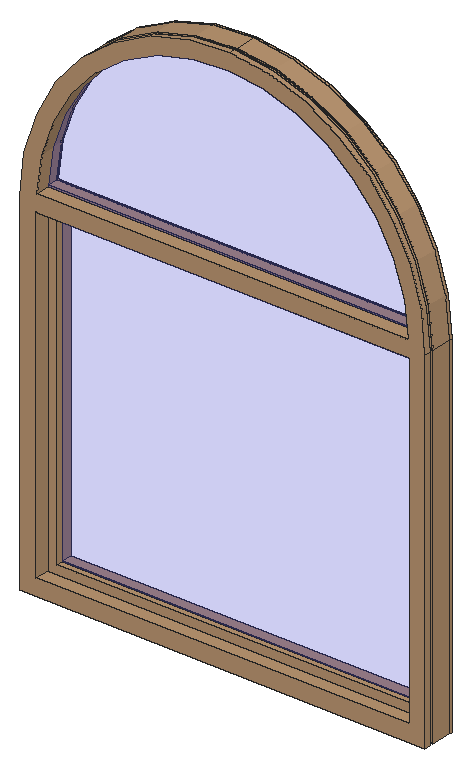
Revit family "WWW_A3-Full-Arch-1530-CHC4", category Windows, host Wall, Revit 2016
Family settings
  Host = Wall
  Always vertical = Yes
  Cut with Voids When Loaded = No
  Shared = No
  Room Calculation Point = No
Parameters (values of type "1530 x 1116 CHC4")
  Rough Width = 1898 mm
  Rough Height = 0 mm
  R [instance] = (Width / 2)  # 558 mm
  URL = "www.acdoors.co.za"
  Type Comments = "series iv frame profile"
  RHS [instance] = no
  Model = "Full Arch"
  Manufacturer Code = "CHC4"
  Manufacturer = "AC Shopfitters (Windows)"
  LHS [instance] = not(RHS)  # yes
  Height = 1530 mm
  Head height = 2300 mm
  Frame Material = Frame Material
  Default Sill Height = (Head height - Height)  # 770 mm
  Wall Closure = By host
  Width = 1116 mm
  Assembly Code = "B2020130"
Types (3, lengths in mm): name | Rough Width | R | Width
  (no name) | 1898 | 558 | 1116
  1530 x 1116 CHC4 | 1898 | 558 | 1116
  1530 x 0580 CHC4 | 0 | 290 | 580
Reference planes
  plane 1 "CL": y = 0
  plane 2 "Center (Left/Right)": x = 0
  plane 3 "Left": x = -558
  plane 4 "Right": x = 558
  plane 5 "Sill": z = 770
  plane 6 "Head": z = 2300
  plane 7 "Exterior": y = 75
  plane 8 "Interior": y = -75
  plane 9: z = 1742
  plane 10: z = 1256
Forms (mm)
  Sweep 1, solid, material "Frame Material" <- "Frame Material", detail levels medium+fine
    path origin (0, 0, 0) x (1, 0, 0) y (0, 0, 1)
      loop
        line (559.432, 770) -> (559.432, 1741.189)
        arc (559.432, 1741.189) -> (402.925, 2129.031) -> (21.07, 2299.626) r 558.811
        arc (21.07, 2299.626) -> (-387.087, 2143.549) -> (-558, 1741.379) r 558.621
        line (-558, 1741.379) -> (-558, 770) -> (559.432, 770)
    profile "AC 90 x 44 IV : AC 90 x 44 iv" origin (559.432, 0, 1255.594) x (-1, 0, 0) y (0, -1, 0)
      loop
        line (44, 50.2) -> (0, 50.2) -> (0, 35.2) -> (2.991, 35.2) -> (2.991, 25.2) -> (0, 25.2) -> (0, -31.778) -> (2.991, -31.778) -> (2.991, -34.8) -> (0, -34.8) -> (0, -39.8) -> (24, -39.8) -> (32.38, 10.2) -> (44, 10.2) -> (44, 50.2)
  Sweep 2, solid, material "Frame Material" <- "Frame Material", detail levels medium+fine
    path origin (0, 0, 0) x (1, 0, 0) y (0, 0, 1)
      loop
        line (527.052, 1726.12) -> (-525.62, 1726.12) -> (-525.62, 802.38) -> (527.052, 802.38) -> (527.052, 1726.12)
    profile "AC 50 x 44 Base iv : AC 50 x 44 Base" origin (527.052, 0, 1264.25) x (1, 0, 0) y (0, -1, 0)
      loop
        line (0, 10.183) -> (-35.62, 10.183) -> (-35.62, -6.817) -> (-30.62, -6.817) -> (-30.62, -9.817) -> (-35.62, -9.817) -> (-35.62, -39.817) -> (-30.62, -39.817) -> (-30.62, -34.817) -> (-25.62, -34.817) -> (-25.62, -39.817) -> (-1.62, -39.817) -> (-1.62, -49.817) -> (8.38, -49.817) -> (8.38, -46.817) -> (6.349, -46.817) -> (6.349, -44.817) -> (8.38, -44.817) -> (8.38, -39.817) -> (0, 10.183)
  Extrusion 3, solid, material "Glass", detail levels medium+fine
    sketch origin (0, 0, 0) x (1, 0, 0) y (0, 0, 1)
      loop
        line (496.432, 1695.5) -> (-495, 1695.5) -> (-495, 833) -> (496.432, 833) -> (496.432, 1695.5)
    from -9.817 to -6.817
  Sweep 4, solid, material "Frame Material" <- "Frame Material", detail levels medium+fine
    path origin (0, 0, 1166.667) x (1, 0, 0) y (0, 0, 1)
      loop
        line (-549.559, 575.333) -> (551.441, 575.333)
    profile "AC 90 x 44 IV T : AC 90 x 44" origin (0.941, 0, 1742) x (0, 0, 1) y (0, -1, 0)
      loop
        line (-22, 50.2) -> (-22, 10.2) -> (-15.88, 10.2) -> (-7.5, -39.8) -> (7.5, -39.8) -> (15.88, 10.2) -> (22, 10.2) -> (22, 50.2) -> (-22, 50.2)
  Sweep 5, solid, material "Frame Material" <- "Frame Material", detail levels medium+fine
    path origin (0, 0, 1566.625) x (1, 0, 0) y (0, 0, 1)
      loop
        arc (526.512, 191.254) -> (369.018, 550.227) -> (7.037, 700.679) r 526.157
        arc (7.037, 700.679) -> (-363.102, 554.682) -> (-525.086, 191.254) r 525.966
        line (-525.086, 191.254) -> (526.512, 191.254)
    profile "AC Trim angle : AC 50 x 30 iv" origin (0.713, 0, 1757.88) x (0, 0, -1) y (0, -1, 0)
      loop
        line (8.117, -38.531) -> (0.791, 5.183) -> (-6.17, 5.183) -> (-6.17, -25.318)
        arc (-6.17, -25.318) -> (-5.428, -28.646) -> (-3.341, -31.343) r 7.83
        line (-3.341, -31.343) -> (-3.341, -33.531) -> (1.659, -33.531) -> (1.659, -38.531) -> (8.117, -38.531)
  Extrusion 6, solid, material "Glass", detail levels medium+fine
    sketch origin (0, 0, 1566.625) x (1, 0, 0) y (0, 0, 1)
      loop
        arc (528.222, 189.595) -> (0.621, 702.378) -> (-526.981, 189.595) r 527.816
        line (-526.981, 189.595) -> (528.222, 189.595)
    from 5.183 to 10.2
Cuts and joins
  joined: Sweep 1, Sweep 4
Lines and regions (mm)
  Opening 1
    outline origin (3500, -75, 0) x (1, 0, 0) y (0, 0, 1)
      loop
        line (-2940.568, 770) -> (-2940.568, 1741.189)
        arc (-2940.568, 1741.189) -> (-3103.564, 2135.651) -> (-3497.465, 2299.997) r 558.811
        arc (-3497.465, 2299.997) -> (-3893.706, 2137.06) -> (-4058, 1741.379) r 558.621
        line (-4058, 1741.379) -> (-4058, 770) -> (-2940.568, 770)
  symbolic lines, style "Elevation Swing", visible <- "LHS"
    curve 1: line (535.432, 0, 1734.5) -> (-524, 0, 1256)
    curve 2: line (-524, 0, 1256) -> (535.432, 0, 794)
  symbolic lines, style "Elevation Swing", visible <- "RHS"
    curve 3: line (-524, 0, 1724.5) -> (525.432, 0, 1256)
    curve 4: line (525.432, 0, 1256) -> (-534, 0, 794)
Text (mm)
  text "EXTERIOR" at (-1963.203, 1332.353, 0), in view "Ref. Level"
  text "INTERIOR" at (-1981.466, -818.386, 0), in view "Ref. Level"
  text "Exterior" at (0, 923.751, 2943.296), in view "Right"
  text "Exterior" at (0, 1040.484, 2685.409), in view "Left"
Dimensions and locks
  equal spacing: plane 3 "Left", plane 2 "Center (Left/Right)", plane 4 "Right"
  "Width": plane 3 "Left" to plane 4 "Right"
  "Height": plane 5 "Sill" to plane 6 "Head"
  locked: plane 7 "Exterior" to host wall at 0
  locked: plane 8 "Interior" to host wall
  "Head height": plane 6 "Head" to level
  "R": plane 6 "Head" to plane 9
  equal spacing: plane 9, plane 10, plane 5 "Sill"
  aligned and locked: plane 3 "Left" to Opening 1 sketch curve
  aligned and locked: Sweep 1 sketch curve to host wall  (x3)
  aligned and locked: Extrusion 3 to Sweep 2
  aligned and locked: Extrusion 3 sketch curve to Sweep 2  (x3)
  aligned and locked: plane 5 "Sill" to Sweep 1 sketch curve
  aligned and locked: curve 2 to Sweep 2  (x2)
  aligned and locked: plane 9 to Sweep 4 sketch curve
  aligned and locked: Sweep 4 to Sweep 2 sketch curve
  aligned and locked: Sweep 2 to curve 1
  aligned and locked: Sweep 2 to curve 4  (x2)
  aligned and locked: curve 4 to Sweep 2
  aligned and locked: curve 3 to Sweep 2
  aligned and locked: Sweep 2 to Sweep 2
  aligned and locked: plane 10 to curve 3
  aligned and locked: Sweep 2 to curve 2
  aligned and locked: Extrusion 6 sketch curve to Sweep 5  (x2)
  aligned and locked: curve 1 to Sweep 2
  aligned and locked: Sweep 2 sketch curve to cut or joined group of Sweep 1, Sweep 4
  aligned and locked: Sweep 5 sketch curve to cut or joined group of Sweep 1, Sweep 4
Automatic sketch dimensions
  Opening 1 sketch curve to plane 5 "Sill" = 0 mm
  Opening 1 sketch curve to Opening 1 sketch curve = 0.001 mm
  Opening 1 sketch curve to Opening 1 sketch curve = 0.19 mm
  plane 6 "Head" to Opening 1 sketch curve = 0.003 mm
  plane 2 "Center (Left/Right)" to Opening 1 sketch curve = 0.621 mm
  Opening 1 sketch curve to Opening 1 sketch curve = 0 mm
  Sweep 1 sketch curve to Sweep 1 sketch curve = 0.001 mm
  plane 6 "Head" to Sweep 1 sketch curve = 0.374 mm
  Sweep 2 sketch curve to plane 3 "Left" = 32.38 mm
  plane 4 "Right" to Sweep 2 sketch curve = 30.948 mm
  plane 4 "Right" to Extrusion 3 sketch curve = 61.568 mm
  Sweep 4 sketch curve to plane 3 "Left" = 8.441 mm
  plane 4 "Right" to Sweep 4 sketch curve = 6.559 mm
  plane 2 "Center (Left/Right)" to Sweep 5 sketch curve = 7.037 mm
  curve 2 to plane 10 = 0 mm
  curve 3 to plane 9 = 17.5 mm
  Sweep 1 sketch curve to plane 3 "Left" = 0 mm
  plane 2 "Center (Left/Right)" to Sweep 5 sketch curve = 0.621 mm
  Sweep 5 sketch curve to Sweep 5 sketch curve = 0.001 mm
  plane 4 "Right" to Sweep 5 sketch curve = 31.488 mm
  Sweep 5 sketch curve to plane 9 = 0.622 mm
  Sweep 5 sketch curve to Sweep 5 sketch curve = 0.19 mm
